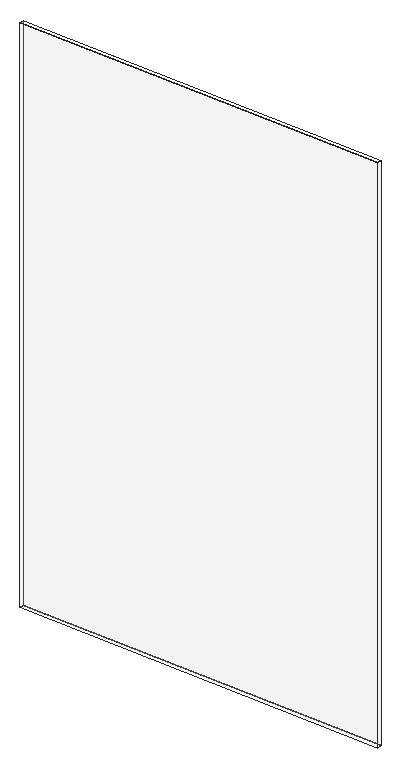
Revit family "Panel_Glass Single Pane_Exterior", category Curtain Panels, Revit 2024
Family settings
  Always vertical = Yes
  Cut with Voids When Loaded = No
  Shared = No
Parameters (values of type "Default")
  Pane = _Default - Glass - Exterior Transparent
  Thickness_Glass = 25 mm
  Offset_Wall CL - Glass CL = 12.5 mm
  EA_Repath [instance] = 0 mm
  Define Thermal Properties by = Schematic Type
  Assembly Code = ""
  Analytic Construction = "<None>"
Reference planes
  plane 1 "Center (Front/Back)": y = 0
  plane 2: z = 0
  plane 3 "Center (Left/Right)": x = 0
  plane 4 "Left": x = -831.877
  plane 5 "Right": x = 831.877
  plane 6 "Top": z = 2438.4
  plane 7: y = -12.5
Forms (mm)
  Extrusion 1, solid, material "_Default - Glass - Exterior Transparent" <- "Pane"
    sketch origin (0, 0, 1219.2) x (1, 0, 0) y (0, 1, 0)
      loop
        line (-831.877, -0.2) -> (-831.877, -25.2) -> (831.877, -25.2) -> (831.877, -0.2) -> (-831.877, -0.2)
    from -1219.2 to 1219.2
Text (mm)
  text "Exterior" at (-1379.057, 797.241, 0), in view "Ref. Level"
  text "Exterior" at (12192, 1055.114, 2275.943), in view "Right"
  text "Exterior" at (-6096, 1468.734, 2687.031), in view "Left"
Dimensions and locks
  equal spacing: plane 4 "Left", plane 3 "Center (Left/Right)", plane 5 "Right"
  "Offset_Wall CL - Glass CL": plane 7 to plane 1 "Center (Front/Back)"
  "Thickness_Glass": Extrusion 1 sketch curve to Extrusion 1 sketch curve
  Extrusion 1 sketch curve to Extrusion 1 sketch curve = 25 mm
  aligned and locked: Extrusion 1 to plane 6 "Top"
  aligned and locked: Extrusion 1 to level
Automatic sketch dimensions
  Extrusion 1 sketch curve to plane 4 "Left" = 0 mm
  Extrusion 1 sketch curve to plane 5 "Right" = 0 mm
  plane 7 to Extrusion 1 sketch curve = 12.7 mm
